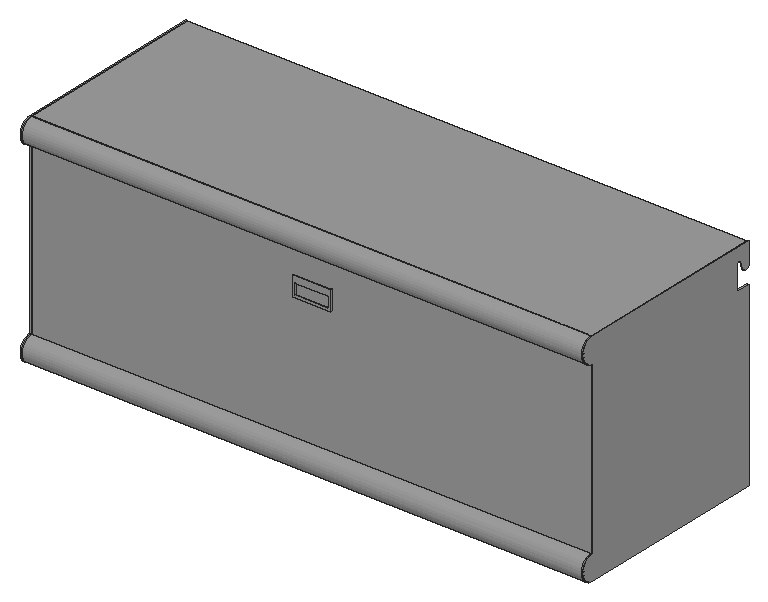
Revit family "Lock Box", category Generic Models, Revit 2012
Parameters (values of type "Lock Box")
  Width = 46"
  URL = "http://www.wengercorp.com/Home/Contact.html"
  Part Number = "241A007.1"
  Model = "GB SHELF LOCK BOX"
  Manufacturer = "Wenger Corporation"
  Lock Box Visibility [instance] = yes
  Lock Box Paint = Lock Box Paint
  Lock Box Lam. = Lock Box Laminate
  Lock Box Aluminium = Lock Box Aluminium
  Description = "GEARBOSS ATHLETIC SHELVING"
  Depth = 16.25"
Reference planes (in)
  plane 1 "Center (Front/Back)": y = 0
  plane 2: z = 0
  plane 3 "Center (Left/Right)": x = 0
  plane 4: x = 23
  plane 5: x = -23
  plane 6: y = -0.375
  plane 7: y = -16.25
  plane 8: x = -22.89
  plane 9: x = 22.89
Forms (in)
  Extrusion 1, solid, material "Lock Box Paint" <- "Lock Box Paint", visible <- "Lock Box Visibility"
    sketch origin (-23, 11.7731, 48) x (0, 1, 0) y (0, 0, 1)
      loop
        line (-12.1481, -48) -> (-12.1481, -33.25) -> (-13.18465, -33.25)
        arc (-13.18465, -33.25) -> (-13.3019, -33.18121) -> (-13.3481, -33.05337) r 0.2
        line (-13.3481, -33.05337) -> (-13.3481, -31.25337)
        arc (-13.3481, -31.25337) -> (-13.1181, -31.08505) -> (-12.8881, -31.25337) r 0.2413
        line (-12.8881, -31.25337) -> (-12.69876, -31.85)
        arc (-12.69876, -31.85) -> (-12.42343, -32.05149) -> (-12.1481, -31.85) r 0.28886
        line (-12.1481, -31.85) -> (-12.1481, -30.06) -> (-28.0231, -30.06)
        arc (-28.0231, -30.06) -> (-29.0231, -31.06) -> (-28.0231, -32.06) r 1
        line (-28.0231, -32.06) -> (-28.0231, -46)
        arc (-28.0231, -46) -> (-29.0231, -47) -> (-28.0231, -48) r 1
        line (-28.0231, -48) -> (-12.1481, -48)
    from 0 to 0.11
  Extrusion 2, solid, material "Lock Box Paint" <- "Lock Box Paint", visible <- "Lock Box Visibility"
    sketch origin (22.89, 3.11545, 48) x (0, 1, 0) y (0, 0, 1)
      loop
        line (-3.49045, -48) -> (-3.49045, -33.25) -> (-4.52701, -33.25)
        arc (-4.52701, -33.25) -> (-4.64425, -33.18121) -> (-4.69045, -33.05337) r 0.2
        line (-4.69045, -33.05337) -> (-4.69045, -31.25337)
        arc (-4.69045, -31.25337) -> (-4.46045, -31.08505) -> (-4.23045, -31.25337) r 0.2413
        line (-4.23045, -31.25337) -> (-4.04112, -31.85)
        arc (-4.04112, -31.85) -> (-3.76578, -32.05149) -> (-3.49045, -31.85) r 0.28886
        line (-3.49045, -31.85) -> (-3.49045, -30.06) -> (-19.36545, -30.06)
        arc (-19.36545, -30.06) -> (-20.36545, -31.06) -> (-19.36545, -32.06) r 1
        line (-19.36545, -32.06) -> (-19.36545, -46)
        arc (-19.36545, -46) -> (-20.36545, -47) -> (-19.36545, -48) r 1
        line (-19.36545, -48) -> (-3.49045, -48)
    from 0 to 0.11
  Extrusion 3, solid, material "Lock Box Laminate" <- "Lock Box Lam.", visible <- "Lock Box Visibility"
    sketch origin (-22.89, -0.375, 48) x (0, 1, 0) y (0, 0, 1)
      loop
        line (-15.875, -31.94318) -> (-15.875, -46.11682) -> (-15.765, -46.11682) -> (-15.765, -31.94318) -> (-15.875, -31.94318)
    from 0 to 45.78
  Extrusion 4, solid, material "Lock Box Aluminium" <- "Lock Box Aluminium", visible <- "Lock Box Visibility"
    sketch origin (-22.89, -0.375, 48) x (0, 1, 0) y (0, 0, 1)
      loop
        arc (-15.875, -30.06) -> (-16.875, -31.06) -> (-15.875, -32.06) r 1
        line (-15.875, -32.06) -> (-15.875, -31.95)
        arc (-15.875, -31.95) -> (-16.765, -31.06) -> (-15.875, -30.17) r 0.89
        line (-15.875, -30.17) -> (-15.875, -30.06)
    from 0 to 45.78
  Extrusion 5, solid, material "Lock Box Aluminium" <- "Lock Box Aluminium", visible <- "Lock Box Visibility"
    sketch origin (-22.89, -0.375, 48) x (0, 1, 0) y (0, 0, 1)
      loop
        arc (-15.875, -46) -> (-16.875, -47) -> (-15.875, -48) r 1
        line (-15.875, -48) -> (-15.875, -47.89)
        arc (-15.875, -47.89) -> (-16.765, -47) -> (-15.875, -46.11) r 0.89
        line (-15.875, -46.11) -> (-15.875, -46)
    from 0 to 45.78
  Extrusion 6, solid, material "Lock Box Paint" <- "Lock Box Paint", visible <- "Lock Box Visibility"
    sketch origin (-22.89, -0.375, 48) x (0, 1, 0) y (0, 0, 1)
      loop
        line (0, -48) -> (0, -47.89) -> (-15.875, -47.89) -> (-15.875, -48) -> (0, -48)
    from 0 to 45.78
  Extrusion 7, solid, material "Lock Box Paint" <- "Lock Box Paint", visible <- "Lock Box Visibility"
    sketch origin (-22.89, -0.375, 48) x (0, 1, 0) y (0, 0, 1)
      loop
        line (0, -30.06) -> (-15.875, -30.06) -> (-15.875, -30.17) -> (0, -30.17) -> (0, -30.06)
    from 0 to 45.78
  Extrusion 8, solid, material "Lock Box Aluminium" <- "Lock Box Aluminium", visible <- "Lock Box Visibility"
    sketch origin (-22.89, -16.25, 15.94) x (0, 0, -1) y (1, 0, 0)
      loop
        line (2.06, 21.44) -> (3.64, 21.44) -> (3.64, 24.56) -> (2.06, 24.56) -> (2.06, 21.44)
      loop
        line (3.47, 21.61) -> (3.47, 24.39) -> (2.55, 24.39) -> (2.55, 21.61) -> (3.47, 21.61)
    from 0 to 0.13
Dimensions and locks (in)
  equal spacing: plane 5, plane 3 "Center (Left/Right)", plane 4
  "Width": plane 5 to plane 4
  plane 6 to plane 1 "Center (Front/Back)" = 0.375"
  "Depth": plane 7 to plane 1 "Center (Front/Back)"
  locked: plane 5 to plane 8 at 0.11
  locked: plane 9 to plane 4 at 0.11
  aligned and locked: plane 2 to level
  aligned and locked: Extrusion 3 to Extrusion 2
Automatic sketch dimensions
  Extrusion 1 sketch curve to plane 7 = 0"
  Extrusion 1 sketch curve to plane 6 = 0"  (x2)
  Extrusion 1 sketch curve to level = 0"
  Extrusion 1 sketch curve to plane 6 = 1.2"
  Extrusion 1 sketch curve to Extrusion 1 sketch curve = 0.16344"
  Extrusion 1 sketch curve to Extrusion 1 sketch curve = 0.03656"
  Extrusion 1 sketch curve to Extrusion 1 sketch curve = 0.23"  (x2)
  Extrusion 1 sketch curve to Extrusion 1 sketch curve = 0.55067"
  Extrusion 1 sketch curve to plane 6 = 0.27533"
  Extrusion 1 sketch curve to Extrusion 1 sketch curve = 1"  (x2)
  level to Extrusion 1 sketch curve = 14.75"
  Extrusion 1 sketch curve to Extrusion 1 sketch curve = 13.94"
  Extrusion 1 sketch curve to Extrusion 1 sketch curve = 1.20337"
  Extrusion 1 sketch curve to Extrusion 1 sketch curve = 0.08737"
  Extrusion 1 sketch curve to Extrusion 1 sketch curve = 0.52364"
  Extrusion 1 sketch curve to Extrusion 1 sketch curve = 0.07299"
  Extrusion 2 sketch curve to plane 7 = 0"
  Extrusion 2 sketch curve to plane 6 = 0"  (x2)
  Extrusion 2 sketch curve to level = 0"
  Extrusion 2 sketch curve to plane 6 = 1.2"
  Extrusion 2 sketch curve to Extrusion 2 sketch curve = 0.16344"
  Extrusion 2 sketch curve to Extrusion 2 sketch curve = 0.03656"
  Extrusion 2 sketch curve to Extrusion 2 sketch curve = 0.23"  (x2)
  Extrusion 2 sketch curve to plane 6 = 0.55067"
  Extrusion 2 sketch curve to plane 6 = 0.27533"
  Extrusion 2 sketch curve to Extrusion 2 sketch curve = 1"  (x2)
  Extrusion 2 sketch curve to Extrusion 2 sketch curve = 14.75"
  Extrusion 2 sketch curve to Extrusion 2 sketch curve = 13.94"
  Extrusion 2 sketch curve to Extrusion 2 sketch curve = 1.20337"
  Extrusion 2 sketch curve to Extrusion 2 sketch curve = 0.08737"
  Extrusion 2 sketch curve to Extrusion 2 sketch curve = 0.52364"
  Extrusion 2 sketch curve to Extrusion 2 sketch curve = 0.07299"
  Extrusion 6 sketch curve to level = 0"
  Extrusion 6 sketch curve to plane 7 = 0"
  Extrusion 6 sketch curve to plane 6 = 0"
  level to Extrusion 6 sketch curve = 0.11"
  Extrusion 7 sketch curve to plane 7 = 0"
  Extrusion 7 sketch curve to plane 6 = 0"
  level to Extrusion 7 sketch curve = 17.83"
  Extrusion 7 sketch curve to Extrusion 7 sketch curve = 0.11"
  Extrusion 4 sketch curve to Extrusion 4 sketch curve = 0"  (x2)
  Extrusion 4 sketch curve to plane 7 = 0"
  level to Extrusion 4 sketch curve = 15.94"
  Extrusion 4 sketch curve to Extrusion 4 sketch curve = 0.11"
  Extrusion 4 sketch curve to Extrusion 4 sketch curve = 0.89"
  Extrusion 5 sketch curve to Extrusion 5 sketch curve = 0"  (x2)
  Extrusion 5 sketch curve to plane 7 = 0"
  Extrusion 5 sketch curve to level = 0"
  Extrusion 5 sketch curve to Extrusion 5 sketch curve = 0.11"
  Extrusion 5 sketch curve to Extrusion 5 sketch curve = 0.89"
  Extrusion 3 sketch curve to plane 7 = 0"
  plane 7 to Extrusion 3 sketch curve = 0.11"
  level to Extrusion 3 sketch curve = 1.88318"
  Extrusion 3 sketch curve to Extrusion 3 sketch curve = 14.17365"
  Extrusion 8 sketch curve to Extrusion 3 = 2.17682"
  Extrusion 8 sketch curve to Extrusion 8 sketch curve = 0.92"
  Extrusion 8 sketch curve to Extrusion 8 sketch curve = 0.17"  (x3)
  Extrusion 3 to Extrusion 8 sketch curve = 21.44"
  Extrusion 8 sketch curve to Extrusion 8 sketch curve = 0.49"
  Extrusion 8 sketch curve to Extrusion 8 sketch curve = 2.78"
